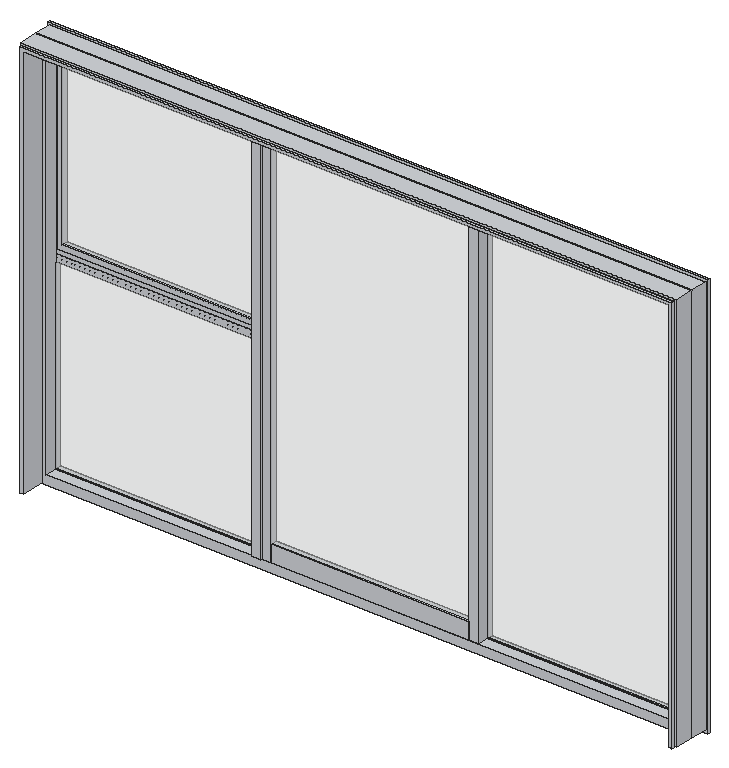
Revit family "APL Residential Thermal Heart Sliding Door FSF with Sidelight", category Doors, host Wall, Revit 2017 (continued)
Definition of nested family "APL Residential Thermal Heart Sliding Door FSF with Sidelight Horizontal Section"
  Definition of nested family "Jamb Fixed"
    Definition of nested family "65400_Jamb Fixed"
      Lines and regions (mm)
        detail lines, in view "Ref. Level"
          curve 87: arc (43.7, 6.5, 0) -> (43.559, 6.441, 0) -> (43.5, 6.3, 0) r 0.2
          curve 88: arc (43.5, 5.75, 0) -> (43, 5.251, 0) -> (42.5, 5.75, 0) r 0.5
          curve 89: arc (42.5, 6.5, 0) -> (42.793, 7.207, 0) -> (43.5, 7.5, 0) r 1
          curve 90: arc (44.395, 7.5, 0) -> (44.539, 7.557, 0) -> (44.6, 7.7, 0) r 0.202
          curve 91: arc (44.6, 18.8, 0) -> (44.538, 18.942, 0) -> (44.395, 19, 0) r 0.205
          curve 92: arc (26.583, 19, 0) -> (26.278, 19.199, 0) -> (26.005, 18.957, 0) r 0.3
          curve 93: arc (26.005, 18.957, 0) -> (25.939, 18.819, 0) -> (25.813, 18.732, 0) r 0.3
          curve 94: arc (24.403, 18.218, 0) -> (24.117, 18.262, 0) -> (24.001, 18.526, 0) r 0.3
          curve 95: arc (24.208, 20.892, 0) -> (24.235, 20.992, 0) -> (24.295, 21.078, 0) r 0.3
          curve 96: arc (24.659, 21.441, 0) -> (24.852, 21.493, 0) -> (24.993, 21.352, 0) r 0.2
          curve 97: arc (25.038, 21.184, 0) -> (25.09, 21.095, 0) -> (25.179, 21.043, 0) r 0.2
          curve 98: arc (27.322, 20.51, 0) -> (27.664, 20.657, 0) -> (27.6, 21.024, 0) r 0.3
          curve 99: arc (27.6, 21.024, 0) -> (27.526, 21.125, 0) -> (27.5, 21.247, 0) r 0.3
          curve 100: arc (27.694, 25.25, 0) -> (27.658, 25.422, 0) -> (27.5, 25.5, 0) r 0.2
          curve 101: arc (26.979, 25.5, 0) -> (26.898, 25.489, 0) -> (26.823, 25.456, 0) r 0.3
          curve 102: arc (25.569, 24.691, 0) -> (25.563, 24.498, 0) -> (25.42, 24.367, 0) r 0.25
          curve 103: arc (25.42, 24.367, 0) -> (25.15, 24.321, 0) -> (25, 24.55, 0) r 0.25
          curve 104: arc (25, 26.126, 0) -> (25.128, 26.615, 0) -> (25.479, 26.979, 0) r 1
          curve 105: line (46.1, 7.52, 0) -> (46.1, 18.8, 0)
          curve 106: line (44.4, 20.5, 0) -> (29.9, 20.5, 0)
          curve 107: line (29.4, 21, 0) -> (29.4, 34.099, 0)
          curve 108: line (29.9, 34.6, 0) -> (36.605, 34.6, 0)
          curve 109: line (39.189, 33.379, 0) -> (53.629, 32.2, 0)
          curve 110: line (53.629, 32.2, 0) -> (62.286, 32.2, 0)
          curve 111: line (64.2, 26.533, 0) -> (64.2, 17.483, 0)
          curve 112: line (66.2, 11, 0) -> (66.2, 1.9, 0)
          curve 113: line (65.7, 1.4, 0) -> (47, 1.4, 0)
          curve 114: line (46.5, 1.9, 0) -> (46.5, 6.5, 0)
          curve 115: line (27.317, 34.499, 0) -> (24.183, 34.774, 0)
          curve 116: line (24, 34.973, 0) -> (24, 36.224, 0)
          curve 117: line (24, 36.224, 0) -> (24.399, 37.321, 0)
          curve 118: line (25.569, 37.309, 0) -> (26.823, 36.544, 0)
          curve 119: line (26.979, 36.5, 0) -> (27.5, 36.5, 0)
          curve 120: line (27.694, 36.75, 0) -> (27.5, 37.5, 0)
          curve 121: line (27.5, 37.525, 0) -> (27.5, 40.753, 0)
          curve 122: line (27.312, 41.528, 0) -> (25.179, 40.957, 0)
          curve 123: line (25.038, 40.816, 0) -> (24.993, 40.648, 0)
          curve 124: line (24.659, 40.559, 0) -> (24.295, 40.922, 0)
          curve 125: line (24.208, 41.108, 0) -> (24.001, 43.474, 0)
          curve 126: line (24.403, 43.782, 0) -> (25.813, 43.268, 0)
          curve 127: line (26.583, 43, 0) -> (28.9, 43, 0)
          curve 128: line (29.4, 42.5, 0) -> (29.4, 36.9, 0)
          curve 129: line (29.9, 36.4, 0) -> (33.5, 36.4, 0)
          curve 130: line (33.5, 36.4, 0) -> (33.9, 36, 0)
          curve 131: line (33.9, 36, 0) -> (34.3, 36.4, 0)
          curve 132: line (34.3, 36.4, 0) -> (37.767, 36.4, 0)
          curve 133: line (40.611, 35.169, 0) -> (53.707, 34.1, 0)
          curve 134: line (53.707, 34.1, 0) -> (58.307, 34.1, 0)
          curve 135: line (58.307, 34.1, 0) -> (58.707, 33.7, 0)
          curve 136: line (58.707, 33.7, 0) -> (59.107, 34.1, 0)
          curve 137: line (59.107, 34.1, 0) -> (68.1, 34.1, 0)
          curve 138: line (68.3, 34.3, 0) -> (68.3, 42.5, 0)
          curve 139: line (68.8, 43, 0) -> (71.117, 43, 0)
          curve 140: line (71.887, 43.268, 0) -> (73.297, 43.782, 0)
          curve 141: line (73.699, 43.474, 0) -> (73.492, 41.108, 0)
          curve 142: line (73.405, 40.922, 0) -> (73.041, 40.559, 0)
          curve 143: line (72.707, 40.648, 0) -> (72.662, 40.816, 0)
          curve 144: line (72.521, 40.957, 0) -> (70.388, 41.528, 0)
          curve 145: line (70.2, 40.753, 0) -> (70.2, 37.525, 0)
          curve 146: line (70.2, 37.5, 0) -> (70.006, 36.75, 0)
          curve 147: line (70.2, 36.5, 0) -> (70.721, 36.5, 0)
          curve 148: line (70.877, 36.544, 0) -> (72.131, 37.309, 0)
          curve 149: line (72.7, 37.45, 0) -> (72.7, 35.876, 0)
          curve 150: line (72.7, 34.126, 0) -> (72.7, 32.551, 0)
          curve 151: line (72.131, 32.691, 0) -> (70.877, 33.456, 0)
          curve 152: line (70.721, 33.5, 0) -> (70.2, 33.5, 0)
          curve 153: line (70.006, 33.25, 0) -> (70.2, 32.5, 0)
          curve 154: line (70.2, 32.475, 0) -> (70.2, 29.247, 0)
          curve 155: line (70.532, 28.51, 0) -> (72.521, 29.043, 0)
          curve 156: line (72.662, 29.184, 0) -> (72.707, 29.352, 0)
          curve 157: line (73.041, 29.441, 0) -> (73.405, 29.078, 0)
          curve 158: line (73.492, 28.892, 0) -> (73.699, 26.526, 0)
          curve 159: line (73.297, 26.218, 0) -> (71.887, 26.732, 0)
          curve 160: line (71.117, 27, 0) -> (66.201, 27, 0)
          curve 161: line (65.7, 26.5, 0) -> (65.7, 17.481, 0)
          curve 162: line (67.7, 11, 0) -> (67.7, 9.9, 0)
          curve 163: line (67.9, 9.7, 0) -> (69.3, 9.7, 0)
          curve 164: line (69.5, 9.9, 0) -> (69.5, 10.2, 0)
          curve 165: line (70.5, 10.2, 0) -> (70.5, 7.649, 0)
          curve 166: line (69.5, 7.65, 0) -> (69.5, 8.5, 0)
          curve 167: line (69.3, 8.7, 0) -> (67.9, 8.7, 0)
          curve 168: line (67.7, 8.5, 0) -> (67.7, 1.2, 0)
          curve 169: line (67.9, 1, 0) -> (69.3, 1, 0)
          curve 170: line (69.5, 1.2, 0) -> (69.5, 2.05, 0)
          curve 171: line (70.5, 2.05, 0) -> (70.5, 0.501, 0)
          curve 172: line (70, 0, 0) -> (42.7, 0, 0)
          curve 173: line (42.5, 0.2, 0) -> (42.5, 1.75, 0)
          curve 174: line (43.5, 1.75, 0) -> (43.5, 1.2, 0)
          curve 175: line (43.7, 1, 0) -> (44.8, 1, 0)
          curve 176: line (45, 1.2, 0) -> (45, 6.3, 0)
          curve 177: line (44.8, 6.5, 0) -> (43.7, 6.5, 0)
          curve 178: line (43.5, 6.3, 0) -> (43.5, 5.75, 0)
          curve 179: line (42.5, 5.75, 0) -> (42.5, 6.5, 0)
          curve 180: line (43.5, 7.5, 0) -> (44.395, 7.5, 0)
          curve 181: line (44.6, 7.7, 0) -> (44.6, 18.8, 0)
          curve 182: line (44.395, 19, 0) -> (34.3, 19, 0)
          curve 183: line (34.3, 19, 0) -> (33.9, 19.4, 0)
          curve 184: line (33.9, 19.4, 0) -> (33.5, 19, 0)
          curve 185: line (33.5, 19, 0) -> (26.583, 19, 0)
          curve 186: line (25.813, 18.732, 0) -> (24.403, 18.218, 0)
          curve 187: line (24.001, 18.526, 0) -> (24.208, 20.892, 0)
          curve 188: line (24.295, 21.078, 0) -> (24.659, 21.441, 0)
          curve 189: line (24.993, 21.352, 0) -> (25.038, 21.184, 0)
          curve 190: line (25.179, 21.043, 0) -> (27.312, 20.472, 0)
          curve 191: line (27.5, 21.247, 0) -> (27.5, 24.475, 0)
          curve 192: line (27.5, 24.5, 0) -> (27.694, 25.25, 0)
          curve 193: line (27.5, 25.5, 0) -> (26.979, 25.5, 0)
          curve 194: line (26.823, 25.456, 0) -> (25.569, 24.691, 0)
          curve 195: line (25, 24.55, 0) -> (25, 26.126, 0)
          curve 196: line (25.479, 26.979, 0) -> (26.284, 27.471, 0)
          curve 197: line (26.389, 27.5, 0) -> (27.5, 27.5, 0)
          curve 198: line (27.5, 27.5, 0) -> (27.5, 34.3, 0)
          curve 199: arc (27.5, 34.3, 0) -> (27.447, 34.435, 0) -> (27.317, 34.499, 0) r 0.2
          curve 200: arc (70.2, 32.6, 0) -> (70.317, 32.883, 0) -> (70.6, 33, 0) r 0.4
          curve 201: arc (70.893, 33, 0) -> (70.996, 32.986, 0) -> (71.093, 32.946, 0) r 0.4
          curve 202: arc (72.621, 32.061, 0) -> (72.911, 31.941, 0) -> (73.222, 31.9, 0) r 1.2
          curve 203: arc (74.145, 31.9, 0) -> (74.718, 31.719, 0) -> (75.084, 31.242, 0) r 1
          curve 204: arc (75.877, 29.063, 0) -> (76.024, 28.872, 0) -> (76.253, 28.8, 0) r 0.4
          curve 205: arc (78.947, 28.8, 0) -> (79.176, 28.872, 0) -> (79.323, 29.063, 0) r 0.4
          curve 206: arc (80.116, 31.242, 0) -> (80.482, 31.719, 0) -> (81.055, 31.9, 0) r 1
          curve 207: arc (81.978, 31.9, 0) -> (82.289, 31.941, 0) -> (82.579, 32.061, 0) r 1.2
          curve 208: arc (84.107, 32.946, 0) -> (84.204, 32.986, 0) -> (84.307, 33, 0) r 0.4
          curve 209: arc (84.6, 33, 0) -> (84.883, 32.883, 0) -> (85, 32.6, 0) r 0.4
          curve 210: arc (85, 29.2, 0) -> (84.883, 28.917, 0) -> (84.6, 28.8, 0) r 0.4
          curve 211: arc (84.307, 28.8, 0) -> (84.204, 28.814, 0) -> (84.107, 28.854, 0) r 0.4
          curve 212: arc (82.579, 29.739, 0) -> (82.285, 29.86, 0) -> (81.97, 29.9, 0) r 1.2
          curve 213: arc (81.97, 29.9, 0) -> (81.795, 29.847, 0) -> (81.684, 29.703, 0) r 0.3
          curve 214: arc (80.796, 27.263, 0) -> (80.649, 27.072, 0) -> (80.42, 27, 0) r 0.4
          curve 215: arc (74.78, 27, 0) -> (74.551, 27.072, 0) -> (74.404, 27.263, 0) r 0.4
          curve 216: arc (73.516, 29.703, 0) -> (73.405, 29.847, 0) -> (73.23, 29.9, 0) r 0.3
          curve 217: arc (73.23, 29.9, 0) -> (72.915, 29.86, 0) -> (72.621, 29.739, 0) r 1.2
          curve 218: arc (71.093, 28.854, 0) -> (70.996, 28.814, 0) -> (70.893, 28.8, 0) r 0.4
          curve 219: arc (70.6, 28.8, 0) -> (70.317, 28.917, 0) -> (70.2, 29.2, 0) r 0.4
          curve 220: line (70.6, 33, 0) -> (70.893, 33, 0)
          curve 221: line (71.093, 32.946, 0) -> (72.621, 32.061, 0)
          curve 222: line (73.222, 31.9, 0) -> (74.145, 31.9, 0)
          curve 223: line (75.084, 31.242, 0) -> (75.877, 29.063, 0)
          curve 224: line (76.253, 28.8, 0) -> (78.947, 28.8, 0)
          curve 225: line (79.323, 29.063, 0) -> (80.116, 31.242, 0)
          curve 226: line (81.055, 31.9, 0) -> (81.978, 31.9, 0)
          curve 227: line (82.579, 32.061, 0) -> (84.107, 32.946, 0)
          curve 228: line (84.307, 33, 0) -> (84.6, 33, 0)
          curve 229: line (85, 32.6, 0) -> (85, 29.2, 0)
          curve 230: line (84.6, 28.8, 0) -> (84.307, 28.8, 0)
          curve 231: line (84.107, 28.854, 0) -> (82.579, 29.739, 0)
          curve 232: line (81.684, 29.703, 0) -> (80.796, 27.263, 0)
          curve 233: line (80.42, 27, 0) -> (74.78, 27, 0)
          curve 234: line (74.404, 27.263, 0) -> (73.516, 29.703, 0)
          curve 235: line (72.621, 29.739, 0) -> (71.093, 28.854, 0)
          curve 236: line (70.893, 28.8, 0) -> (70.6, 28.8, 0)
          curve 237: line (70.2, 29.2, 0) -> (70.2, 32.6, 0)
          curve 238: arc (70.2, 37.4, 0) -> (70.317, 37.117, 0) -> (70.6, 37, 0) r 0.4
          curve 239: arc (70.893, 37, 0) -> (70.996, 37.014, 0) -> (71.093, 37.054, 0) r 0.4
          curve 240: arc (72.621, 37.939, 0) -> (72.911, 38.059, 0) -> (73.222, 38.1, 0) r 1.2
          curve 241: arc (74.145, 38.1, 0) -> (74.718, 38.281, 0) -> (75.084, 38.758, 0) r 1
          curve 242: arc (75.877, 40.937, 0) -> (76.024, 41.128, 0) -> (76.253, 41.2, 0) r 0.4
          curve 243: arc (78.947, 41.2, 0) -> (79.176, 41.128, 0) -> (79.323, 40.937, 0) r 0.4
          curve 244: arc (80.116, 38.758, 0) -> (80.482, 38.281, 0) -> (81.055, 38.1, 0) r 1
          curve 245: arc (81.978, 38.1, 0) -> (82.289, 38.059, 0) -> (82.579, 37.939, 0) r 1.2
          curve 246: arc (84.107, 37.054, 0) -> (84.204, 37.014, 0) -> (84.307, 37, 0) r 0.4
          curve 247: arc (84.6, 37, 0) -> (84.883, 37.117, 0) -> (85, 37.4, 0) r 0.4
          curve 248: arc (85, 40.8, 0) -> (84.883, 41.083, 0) -> (84.6, 41.2, 0) r 0.4
          curve 249: arc (84.307, 41.2, 0) -> (84.204, 41.186, 0) -> (84.107, 41.146, 0) r 0.4
          curve 250: arc (82.579, 40.262, 0) -> (82.285, 40.14, 0) -> (81.97, 40.1, 0) r 1.2
          curve 251: arc (81.97, 40.1, 0) -> (81.795, 40.153, 0) -> (81.684, 40.297, 0) r 0.3
          curve 252: arc (80.796, 42.737, 0) -> (80.649, 42.928, 0) -> (80.42, 43, 0) r 0.4
          curve 253: arc (74.78, 43, 0) -> (74.551, 42.928, 0) -> (74.404, 42.737, 0) r 0.4
          curve 254: arc (73.516, 40.297, 0) -> (73.405, 40.153, 0) -> (73.23, 40.1, 0) r 0.3
          curve 255: arc (73.23, 40.1, 0) -> (72.915, 40.14, 0) -> (72.621, 40.262, 0) r 1.2
          curve 256: arc (71.093, 41.146, 0) -> (70.996, 41.186, 0) -> (70.893, 41.2, 0) r 0.4
          curve 257: arc (70.6, 41.2, 0) -> (70.317, 41.083, 0) -> (70.2, 40.8, 0) r 0.4
          curve 258: line (70.6, 37, 0) -> (70.893, 37, 0)
          curve 259: line (71.093, 37.054, 0) -> (72.621, 37.939, 0)
          curve 260: line (73.222, 38.1, 0) -> (74.145, 38.1, 0)
          curve 261: line (75.084, 38.758, 0) -> (75.877, 40.937, 0)
          curve 262: line (76.253, 41.2, 0) -> (78.947, 41.2, 0)
          curve 263: line (79.323, 40.937, 0) -> (80.116, 38.758, 0)
          curve 264: line (81.055, 38.1, 0) -> (81.978, 38.1, 0)
          curve 265: line (82.579, 37.939, 0) -> (84.107, 37.054, 0)
          curve 266: line (84.307, 37, 0) -> (84.6, 37, 0)
          curve 267: line (85, 37.4, 0) -> (85, 40.8, 0)
          curve 268: line (84.6, 41.2, 0) -> (84.307, 41.2, 0)
          curve 269: line (84.107, 41.146, 0) -> (82.579, 40.262, 0)
          curve 270: line (81.684, 40.297, 0) -> (80.796, 42.737, 0)
          curve 271: line (80.42, 43, 0) -> (74.78, 43, 0)
          curve 272: line (74.404, 42.737, 0) -> (73.516, 40.297, 0)
          curve 273: line (72.621, 40.262, 0) -> (71.093, 41.146, 0)
          curve 274: line (70.893, 41.2, 0) -> (70.6, 41.2, 0)
          curve 275: line (70.2, 40.8, 0) -> (70.2, 37.4, 0)
          curve 276: arc (113.4, 7.123, 0) -> (113.327, 7.05, 0) -> (113.3, 6.95, 0) r 0.2
          curve 277: arc (113.3, 2.75, 0) -> (113.327, 2.65, 0) -> (113.4, 2.577, 0) r 0.2
          curve 278: arc (113.4, 2.577, 0) -> (113.473, 2.504, 0) -> (113.5, 2.404, 0) r 0.2
          curve 279: arc (113.5, 1.2, 0) -> (113.441, 1.059, 0) -> (113.3, 1, 0) r 0.2
          curve 280: arc (111.701, 1, 0) -> (111.559, 1.058, 0) -> (111.5, 1.2, 0) r 0.2
          curve 281: arc (111.5, 2.05, 0) -> (111, 2.549, 0) -> (110.5, 2.05, 0) r 0.5
          curve 282: arc (110.5, 0.5, 0) -> (110.646, 0.146, 0) -> (111, 0, 0) r 0.499
          curve 283: arc (114.5, 0, 0) -> (114.847, 0.153, 0) -> (115, 0.5, 0) r 0.523
          curve 284: arc (115, 21.5, 0) -> (114.856, 21.856, 0) -> (114.5, 22, 0) r 0.493
          curve 285: arc (111.7, 22, 0) -> (111.558, 22.058, 0) -> (111.5, 22.2, 0) r 0.199
          curve 286: arc (111.5, 29.801, 0) -> (110.852, 31.441, 0) -> (109.258, 32.195, 0) r 2.399
          curve 287: arc (109.258, 32.195, 0) -> (108.878, 32.412, 0) -> (108.814, 32.844, 0) r 0.5
          curve 288: arc (108.814, 32.844, 0) -> (109, 34.047, 0) -> (108.816, 35.25, 0) r 4
          curve 289: arc (108.816, 35.25, 0) -> (108.89, 35.696, 0) -> (109.293, 35.9, 0) r 0.5
          curve 290: arc (109.5, 35.9, 0) -> (110.914, 36.486, 0) -> (111.5, 37.9, 0) r 2.001
          curve 291: arc (120.75, 41.5, 0) -> (121.501, 42.253, 0) -> (120.745, 43, 0) r 0.75
          curve 292: arc (111.5, 43, 0) -> (110.439, 42.561, 0) -> (110, 41.5, 0) r 1.5
          curve 293: arc (110, 38, 0) -> (109.941, 37.859, 0) -> (109.8, 37.8, 0) r 0.2
          curve 294: arc (100.5, 37.8, 0) -> (100.146, 37.654, 0) -> (100, 37.3, 0) r 0.5
          curve 295: arc (100, 36.8, 0) -> (100.146, 36.446, 0) -> (100.5, 36.3, 0) r 0.5
          curve 296: arc (101.927, 36.3, 0) -> (102.266, 36.167, 0) -> (102.426, 35.84, 0) r 0.5
          curve 297: arc (102.426, 35.84, 0) -> (102.912, 35.197, 0) -> (103.7, 35.366, 0) r 0.75
          curve 298: arc (103.7, 35.366, 0) -> (105, 35.9, 0) -> (106.3, 35.366, 0) r 1.85
          curve 299: arc (106.3, 35.366, 0) -> (106.442, 35.256, 0) -> (106.607, 35.183, 0) r 0.75
          curve 300: arc (106.607, 35.183, 0) -> (106.791, 35.08, 0) -> (106.916, 34.91, 0) r 0.5
          curve 301: arc (106.916, 34.91, 0) -> (107.1, 34.05, 0) -> (106.916, 33.19, 0) r 2.1
          curve 302: arc (106.916, 33.19, 0) -> (106.791, 33.02, 0) -> (106.607, 32.917, 0) r 0.5
          curve 303: arc (106.607, 32.917, 0) -> (106.442, 32.844, 0) -> (106.3, 32.734, 0) r 0.75
          curve 304: arc (106.3, 32.734, 0) -> (105, 32.2, 0) -> (103.7, 32.734, 0) r 1.85
          curve 305: arc (103.7, 32.734, 0) -> (103.027, 32.936, 0) -> (102.482, 32.491, 0) r 0.75
          curve 306: arc (102.482, 32.491, 0) -> (102.32, 32.284, 0) -> (102.075, 32.188, 0) r 0.5
          curve 307: arc (102.075, 32.188, 0) -> (101.154, 31.86, 0) -> (100.481, 31.15, 0) r 2.1
          curve 308: arc (100.481, 31.15, 0) -> (100.298, 30.967, 0) -> (100.048, 30.9, 0) r 0.5
          curve 309: arc (91.556, 30.9, 0) -> (91.287, 30.978, 0) -> (91.103, 31.188, 0) r 0.5
          curve 310: arc (91.103, 31.188, 0) -> (90.328, 32.071, 0) -> (89.2, 32.4, 0) r 2.1
          curve 311: arc (87.9, 32.4, 0) -> (87.193, 32.693, 0) -> (86.9, 33.4, 0) r 1
          curve 312: arc (86.9, 42.5, 0) -> (86.754, 42.854, 0) -> (86.4, 43, 0) r 0.5
          curve 313: arc (84.083, 43, 0) -> (83.778, 42.801, 0) -> (83.505, 43.043, 0) r 0.3
          curve 314: arc (83.505, 43.043, 0) -> (83.439, 43.181, 0) -> (83.313, 43.268, 0) r 0.3
          curve 315: arc (81.903, 43.782, 0) -> (81.617, 43.738, 0) -> (81.501, 43.474, 0) r 0.3
          curve 316: arc (81.708, 41.108, 0) -> (81.735, 41.008, 0) -> (81.795, 40.922, 0) r 0.3
          curve 317: arc (82.159, 40.559, 0) -> (82.352, 40.507, 0) -> (82.493, 40.648, 0) r 0.2
          curve 318: arc (82.538, 40.816, 0) -> (82.59, 40.905, 0) -> (82.679, 40.957, 0) r 0.2
          curve 319: arc (84.822, 41.49, 0) -> (85.164, 41.343, 0) -> (85.1, 40.976, 0) r 0.3
          curve 320: arc (85.1, 40.976, 0) -> (85.026, 40.875, 0) -> (85, 40.753, 0) r 0.3
          curve 321: arc (85.194, 36.75, 0) -> (85.158, 36.578, 0) -> (85, 36.5, 0) r 0.2
          curve 322: arc (84.479, 36.5, 0) -> (84.398, 36.511, 0) -> (84.323, 36.544, 0) r 0.3
          curve 323: arc (83.069, 37.309, 0) -> (83.063, 37.502, 0) -> (82.92, 37.633, 0) r 0.25
          curve 324: arc (82.92, 37.633, 0) -> (82.65, 37.679, 0) -> (82.5, 37.45, 0) r 0.25
          curve 325: arc (82.5, 35.874, 0) -> (82.582, 35.477, 0) -> (82.815, 35.146, 0) r 1
          curve 326: arc (82.815, 35.146, 0) -> (82.878, 35, 0) -> (82.815, 34.854, 0) r 0.2
          curve 327: arc (82.815, 34.854, 0) -> (82.582, 34.523, 0) -> (82.5, 34.126, 0) r 1
          curve 328: arc (82.5, 32.55, 0) -> (82.628, 32.332, 0) -> (82.88, 32.337, 0) r 0.25
          curve 329: arc (82.966, 32.389, 0) -> (83.072, 32.521, 0) -> (83.069, 32.691, 0) r 0.25
          curve 330: arc (84.323, 33.456, 0) -> (84.398, 33.489, 0) -> (84.479, 33.5, 0) r 0.3
          curve 331: arc (85, 33.5, 0) -> (85.158, 33.423, 0) -> (85.194, 33.25, 0) r 0.2
          curve 332: arc (85, 29.247, 0) -> (85.026, 29.125, 0) -> (85.1, 29.024, 0) r 0.3
          curve 333: arc (85.1, 29.024, 0) -> (85.164, 28.657, 0) -> (84.822, 28.51, 0) r 0.3
          curve 334: arc (82.679, 29.043, 0) -> (82.59, 29.095, 0) -> (82.538, 29.184, 0) r 0.2
          curve 335: arc (82.493, 29.352, 0) -> (82.352, 29.493, 0) -> (82.159, 29.441, 0) r 0.2
          curve 336: arc (81.795, 29.078, 0) -> (81.735, 28.992, 0) -> (81.708, 28.892, 0) r 0.3
          curve 337: arc (81.501, 26.526, 0) -> (81.617, 26.262, 0) -> (81.903, 26.218, 0) r 0.3
          curve 338: arc (83.313, 26.732, 0) -> (83.439, 26.819, 0) -> (83.505, 26.957, 0) r 0.3
          curve 339: arc (83.505, 26.957, 0) -> (83.778, 27.199, 0) -> (84.083, 27, 0) r 0.3
          curve 340: arc (86.7, 27, 0) -> (86.841, 27.059, 0) -> (86.9, 27.2, 0) r 0.2
          curve 341: arc (86.9, 30.3, 0) -> (86.959, 30.441, 0) -> (87.1, 30.5, 0) r 0.2
          curve 342: arc (89.2, 30.5, 0) -> (89.341, 30.441, 0) -> (89.4, 30.3, 0) r 0.2
          curve 343: arc (89.4, 29.2, 0) -> (89.459, 29.059, 0) -> (89.6, 29, 0) r 0.2
          curve 344: arc (101.9, 29, 0) -> (102.042, 29.059, 0) -> (102.1, 29.2, 0) r 0.2
          curve 345: arc (102.1, 30.1, 0) -> (102.159, 30.241, 0) -> (102.3, 30.3, 0) r 0.2
          curve 346: arc (109.1, 30.3, 0) -> (109.454, 30.154, 0) -> (109.6, 29.8, 0) r 0.5
          curve 347: arc (109.6, 28.5, 0) -> (109.541, 28.359, 0) -> (109.4, 28.3, 0) r 0.2
          curve 348: arc (107.3, 28.3, 0) -> (107.159, 28.241, 0) -> (107.1, 28.1, 0) r 0.2
          curve 349: arc (107.1, 27.2, 0) -> (107.159, 27.059, 0) -> (107.3, 27, 0) r 0.2
          curve 350: arc (109.5, 27, 0) -> (109.854, 26.854, 0) -> (110, 26.5, 0) r 0.5
          curve 351: arc (110, 20.2, 0) -> (110.146, 19.846, 0) -> (110.5, 19.7, 0) r 0.5
          curve 352: arc (111.3, 19.7, 0) -> (111.441, 19.759, 0) -> (111.5, 19.9, 0) r 0.2
          curve 353: arc (113.3, 20.7, 0) -> (113.441, 20.641, 0) -> (113.5, 20.5, 0) r 0.2
          curve 354: arc (113.5, 15.6, 0) -> (113.1, 15.2, 0) -> (113.5, 14.8, 0) r 0.4
          curve 355: arc (113.5, 9.9, 0) -> (113.441, 9.759, 0) -> (113.3, 9.7, 0) r 0.2
          curve 356: arc (111.5, 10.3, 0) -> (111.383, 10.583, 0) -> (111.1, 10.7, 0) r 0.4
          curve 357: arc (111, 10.7, 0) -> (110.646, 10.553, 0) -> (110.5, 10.2, 0) r 0.5
          curve 358: arc (110.5, 7.65, 0) -> (111, 7.15, 0) -> (111.5, 7.65, 0) r 0.5
          curve 359: arc (111.5, 8.5, 0) -> (111.559, 8.641, 0) -> (111.7, 8.7, 0) r 0.2
          curve 360: arc (113.3, 8.7, 0) -> (113.441, 8.641, 0) -> (113.5, 8.5, 0) r 0.2
          curve 361: line (113.3, 6.95, 0) -> (113.3, 2.75, 0)
          curve 362: line (113.5, 2.404, 0) -> (113.5, 1.2, 0)
          curve 363: line (113.3, 1, 0) -> (111.701, 1, 0)
          curve 364: line (111.5, 1.2, 0) -> (111.5, 2.05, 0)
          curve 365: line (110.5, 2.05, 0) -> (110.5, 0.5, 0)
          curve 366: line (111, 0, 0) -> (114.5, 0, 0)
          curve 367: line (115, 0.5, 0) -> (115, 21.5, 0)
          curve 368: line (114.5, 22, 0) -> (111.7, 22, 0)
          curve 369: line (111.5, 22.2, 0) -> (111.5, 29.801, 0)
          curve 370: line (109.293, 35.9, 0) -> (109.5, 35.9, 0)
          curve 371: line (111.5, 37.9, 0) -> (111.5, 41.5, 0)
          curve 372: line (111.5, 41.5, 0) -> (120.75, 41.5, 0)
          curve 373: line (120.745, 43, 0) -> (119, 43, 0)
          curve 374: line (119, 43, 0) -> (118.6, 42.6, 0)
          curve 375: line (118.6, 42.6, 0) -> (112.3, 42.6, 0)
          curve 376: line (112.3, 42.6, 0) -> (111.9, 43, 0)
          curve 377: line (111.9, 43, 0) -> (111.5, 43, 0)
          curve 378: line (110, 41.5, 0) -> (110, 38, 0)
          curve 379: line (109.8, 37.8, 0) -> (100.5, 37.8, 0)
          curve 380: line (100, 37.3, 0) -> (100, 36.8, 0)
          curve 381: line (100.5, 36.3, 0) -> (101.927, 36.3, 0)
          curve 382: line (100.048, 30.9, 0) -> (91.556, 30.9, 0)
          curve 383: line (89.2, 32.4, 0) -> (87.9, 32.4, 0)
          curve 384: line (86.9, 33.4, 0) -> (86.9, 42.5, 0)
          curve 385: line (86.4, 43, 0) -> (84.083, 43, 0)
          curve 386: line (83.313, 43.268, 0) -> (81.903, 43.782, 0)
          curve 387: line (81.501, 43.474, 0) -> (81.708, 41.108, 0)
          curve 388: line (81.795, 40.922, 0) -> (82.159, 40.559, 0)
          curve 389: line (82.493, 40.648, 0) -> (82.538, 40.816, 0)
          curve 390: line (82.679, 40.957, 0) -> (84.812, 41.528, 0)
          curve 391: line (85, 40.753, 0) -> (85, 37.525, 0)
          curve 392: line (85, 37.5, 0) -> (85.194, 36.75, 0)
          curve 393: line (85, 36.5, 0) -> (84.479, 36.5, 0)
          curve 394: line (84.323, 36.544, 0) -> (83.069, 37.309, 0)
          curve 395: line (82.5, 37.45, 0) -> (82.5, 35.874, 0)
          curve 396: line (82.5, 34.126, 0) -> (82.5, 32.55, 0)
          curve 397: line (83.069, 32.691, 0) -> (84.323, 33.456, 0)
          curve 398: line (84.479, 33.5, 0) -> (85, 33.5, 0)
          curve 399: line (85.194, 33.25, 0) -> (85, 32.5, 0)
          curve 400: line (85, 32.475, 0) -> (85, 29.248, 0)
          curve 401: line (84.812, 28.472, 0) -> (82.679, 29.043, 0)
          curve 402: line (82.538, 29.184, 0) -> (82.493, 29.352, 0)
          curve 403: line (82.159, 29.441, 0) -> (81.795, 29.078, 0)
          curve 404: line (81.708, 28.892, 0) -> (81.501, 26.526, 0)
          curve 405: line (81.903, 26.218, 0) -> (83.313, 26.732, 0)
          curve 406: line (84.083, 27, 0) -> (86.7, 27, 0)
          curve 407: line (86.9, 27.2, 0) -> (86.9, 30.3, 0)
          curve 408: line (87.1, 30.5, 0) -> (89.2, 30.5, 0)
          curve 409: line (89.4, 30.3, 0) -> (89.4, 29.2, 0)
          curve 410: line (89.6, 29, 0) -> (95.4, 29, 0)
          curve 411: line (95.4, 29, 0) -> (95.8, 29.4, 0)
          curve 412: line (95.8, 29.4, 0) -> (96.2, 29, 0)
          curve 413: line (96.2, 29, 0) -> (101.9, 29, 0)
          curve 414: line (102.1, 29.2, 0) -> (102.1, 30.1, 0)
          curve 415: line (102.3, 30.3, 0) -> (109.1, 30.3, 0)
          curve 416: line (109.6, 29.8, 0) -> (109.6, 28.5, 0)
          curve 417: line (109.4, 28.3, 0) -> (107.3, 28.3, 0)
          curve 418: line (107.1, 28.1, 0) -> (107.1, 27.2, 0)
          curve 419: line (107.3, 27, 0) -> (109.5, 27, 0)
          curve 420: line (110, 26.5, 0) -> (110, 20.2, 0)
          curve 421: line (110.5, 19.7, 0) -> (111.3, 19.7, 0)
          curve 422: line (111.5, 19.9, 0) -> (111.5, 20.7, 0)
          curve 423: line (111.5, 20.7, 0) -> (113.3, 20.7, 0)
          curve 424: line (113.5, 20.5, 0) -> (113.5, 15.6, 0)
          curve 425: line (113.5, 14.8, 0) -> (113.5, 9.9, 0)
          curve 426: line (113.3, 9.7, 0) -> (111.5, 9.7, 0)
          curve 427: line (111.5, 9.7, 0) -> (111.5, 10.3, 0)
          curve 428: line (110.5, 10.2, 0) -> (110.5, 7.65, 0)
          curve 429: line (111.5, 7.65, 0) -> (111.5, 8.5, 0)
          curve 430: line (111.7, 8.7, 0) -> (113.3, 8.7, 0)
          curve 431: line (113.5, 8.5, 0) -> (113.5, 7.296, 0)
          curve 432: arc (113.5, 7.296, 0) -> (113.473, 7.196, 0) -> (113.4, 7.123, 0) r 0.2
          curve 433: arc (12.7, 24.6, 0) -> (12.817, 24.883, 0) -> (13.1, 25, 0) r 0.4
          curve 434: arc (13.393, 25, 0) -> (13.496, 24.986, 0) -> (13.593, 24.946, 0) r 0.4
          curve 435: arc (15.121, 24.062, 0) -> (15.411, 23.941, 0) -> (15.722, 23.9, 0) r 1.2
          curve 436: arc (16.645, 23.9, 0) -> (17.218, 23.719, 0) -> (17.584, 23.242, 0) r 1
          curve 437: arc (18.377, 21.063, 0) -> (18.524, 20.872, 0) -> (18.753, 20.8, 0) r 0.4
          curve 438: arc (21.447, 20.8, 0) -> (21.676, 20.872, 0) -> (21.823, 21.063, 0) r 0.4
          curve 439: arc (22.616, 23.242, 0) -> (22.982, 23.719, 0) -> (23.555, 23.9, 0) r 1
          curve 440: arc (24.478, 23.9, 0) -> (24.789, 23.941, 0) -> (25.079, 24.062, 0) r 1.2
          curve 441: arc (26.607, 24.946, 0) -> (26.704, 24.986, 0) -> (26.807, 25, 0) r 0.4
          curve 442: arc (27.1, 25, 0) -> (27.383, 24.883, 0) -> (27.5, 24.6, 0) r 0.4
          curve 443: arc (27.5, 21.2, 0) -> (27.383, 20.917, 0) -> (27.1, 20.8, 0) r 0.4
          curve 444: arc (26.807, 20.8, 0) -> (26.704, 20.814, 0) -> (26.607, 20.854, 0) r 0.4
          curve 445: arc (25.079, 21.739, 0) -> (24.785, 21.86, 0) -> (24.47, 21.9, 0) r 1.2
          curve 446: arc (24.47, 21.9, 0) -> (24.295, 21.847, 0) -> (24.184, 21.703, 0) r 0.3
          curve 447: arc (23.296, 19.263, 0) -> (23.149, 19.072, 0) -> (22.92, 19, 0) r 0.4
          curve 448: arc (17.28, 19, 0) -> (17.051, 19.072, 0) -> (16.904, 19.263, 0) r 0.4
          curve 449: arc (16.016, 21.703, 0) -> (15.905, 21.847, 0) -> (15.73, 21.9, 0) r 0.3
          curve 450: arc (15.73, 21.9, 0) -> (15.415, 21.86, 0) -> (15.121, 21.739, 0) r 1.2
          curve 451: arc (13.593, 20.854, 0) -> (13.496, 20.814, 0) -> (13.393, 20.8, 0) r 0.4
          curve 452: arc (13.1, 20.8, 0) -> (12.817, 20.917, 0) -> (12.7, 21.2, 0) r 0.4
          curve 453: line (13.1, 25, 0) -> (13.393, 25, 0)
          curve 454: line (13.593, 24.946, 0) -> (15.121, 24.062, 0)
          curve 455: line (15.722, 23.9, 0) -> (16.645, 23.9, 0)
          curve 456: line (17.584, 23.242, 0) -> (18.377, 21.063, 0)
          curve 457: line (18.753, 20.8, 0) -> (21.447, 20.8, 0)
          curve 458: line (21.823, 21.063, 0) -> (22.616, 23.242, 0)
          curve 459: line (23.555, 23.9, 0) -> (24.478, 23.9, 0)
          curve 460: line (25.079, 24.062, 0) -> (26.607, 24.946, 0)
          curve 461: line (26.807, 25, 0) -> (27.1, 25, 0)
          curve 462: line (27.5, 24.6, 0) -> (27.5, 21.2, 0)
          curve 463: line (27.1, 20.8, 0) -> (26.807, 20.8, 0)
          curve 464: line (26.607, 20.854, 0) -> (25.079, 21.739, 0)
          curve 465: line (24.184, 21.703, 0) -> (23.296, 19.263, 0)
          curve 466: line (22.92, 19, 0) -> (17.28, 19, 0)
          curve 467: line (16.904, 19.263, 0) -> (16.016, 21.703, 0)
          curve 468: line (15.121, 21.739, 0) -> (13.593, 20.854, 0)
          curve 469: line (13.393, 20.8, 0) -> (13.1, 20.8, 0)
          curve 470: line (12.7, 21.2, 0) -> (12.7, 24.6, 0)
          curve 471: arc (12.7, 40.8, 0) -> (12.817, 41.083, 0) -> (13.1, 41.2, 0) r 0.4
          curve 472: arc (13.393, 41.2, 0) -> (13.496, 41.186, 0) -> (13.593, 41.146, 0) r 0.4
          curve 473: arc (15.121, 40.262, 0) -> (15.411, 40.141, 0) -> (15.722, 40.1, 0) r 1.2
          curve 474: arc (16.645, 40.1, 0) -> (17.218, 39.919, 0) -> (17.584, 39.442, 0) r 1
          curve 475: arc (18.377, 37.263, 0) -> (18.524, 37.072, 0) -> (18.753, 37, 0) r 0.4
          curve 476: arc (21.447, 37, 0) -> (21.676, 37.072, 0) -> (21.823, 37.263, 0) r 0.4
          curve 477: arc (22.616, 39.442, 0) -> (22.982, 39.919, 0) -> (23.555, 40.1, 0) r 1
          curve 478: arc (24.478, 40.1, 0) -> (24.789, 40.141, 0) -> (25.079, 40.262, 0) r 1.2
          curve 479: arc (26.607, 41.146, 0) -> (26.704, 41.186, 0) -> (26.807, 41.2, 0) r 0.4
          curve 480: arc (27.1, 41.2, 0) -> (27.383, 41.083, 0) -> (27.5, 40.8, 0) r 0.4
          curve 481: arc (27.5, 37.4, 0) -> (27.383, 37.117, 0) -> (27.1, 37, 0) r 0.4
          curve 482: arc (26.807, 37, 0) -> (26.704, 37.014, 0) -> (26.607, 37.054, 0) r 0.4
          curve 483: arc (25.079, 37.939, 0) -> (24.785, 38.06, 0) -> (24.47, 38.1, 0) r 1.2
          curve 484: arc (24.47, 38.1, 0) -> (24.295, 38.047, 0) -> (24.184, 37.903, 0) r 0.3
          curve 485: arc (23.296, 35.463, 0) -> (23.149, 35.272, 0) -> (22.92, 35.2, 0) r 0.4
          curve 486: arc (17.28, 35.2, 0) -> (17.051, 35.272, 0) -> (16.904, 35.463, 0) r 0.4
          curve 487: arc (16.016, 37.903, 0) -> (15.905, 38.047, 0) -> (15.73, 38.1, 0) r 0.3
          curve 488: arc (15.73, 38.1, 0) -> (15.415, 38.06, 0) -> (15.121, 37.939, 0) r 1.2
          curve 489: arc (13.593, 37.054, 0) -> (13.496, 37.014, 0) -> (13.393, 37, 0) r 0.4
          curve 490: arc (13.1, 37, 0) -> (12.817, 37.117, 0) -> (12.7, 37.4, 0) r 0.4
          curve 491: line (13.1, 41.2, 0) -> (13.393, 41.2, 0)
          curve 492: line (13.593, 41.146, 0) -> (15.121, 40.262, 0)
          curve 493: line (15.722, 40.1, 0) -> (16.645, 40.1, 0)
          curve 494: line (17.584, 39.442, 0) -> (18.377, 37.263, 0)
          curve 495: line (18.753, 37, 0) -> (21.447, 37, 0)
          curve 496: line (21.823, 37.263, 0) -> (22.616, 39.442, 0)
          curve 497: line (23.555, 40.1, 0) -> (24.478, 40.1, 0)
          curve 498: line (25.079, 40.262, 0) -> (26.607, 41.146, 0)
          curve 499: line (26.807, 41.2, 0) -> (27.1, 41.2, 0)
          curve 500: line (27.5, 40.8, 0) -> (27.5, 37.4, 0)
          curve 501: line (27.1, 37, 0) -> (26.807, 37, 0)
          curve 502: line (26.607, 37.054, 0) -> (25.079, 37.939, 0)
          curve 503: line (24.184, 37.903, 0) -> (23.296, 35.463, 0)
          curve 504: line (22.92, 35.2, 0) -> (17.28, 35.2, 0)
          curve 505: line (16.904, 35.463, 0) -> (16.016, 37.903, 0)
          curve 506: line (15.121, 37.939, 0) -> (13.593, 37.054, 0)
          curve 507: line (13.393, 37, 0) -> (13.1, 37, 0)
          curve 508: line (12.7, 37.4, 0) -> (12.7, 40.8, 0)
          curve 509: arc (10.8, 36.502, 0) -> (11.356, 35.157, 0) -> (12.7, 34.6, 0) r 1.9
          curve 510: arc (13.1, 34.6, 0) -> (13.241, 34.541, 0) -> (13.3, 34.4, 0) r 0.2
          curve 511: arc (13.3, 27.6, 0) -> (13.241, 27.459, 0) -> (13.1, 27.4, 0) r 0.2
          curve 512: arc (11, 27.4, 0) -> (10.859, 27.341, 0) -> (10.8, 27.2, 0) r 0.2
          curve 513: arc (10.8, 26.717, 0) -> (10.741, 26.575, 0) -> (10.6, 26.517, 0) r 0.2
          curve 514: arc (1.9, 26.517, 0) -> (1.546, 26.663, 0) -> (1.4, 27.017, 0) r 0.5
          curve 515: arc (1.4, 40.755, 0) -> (1.521, 41.369, 0) -> (1.869, 41.889, 0) r 1.6
          curve 516: arc (6.387, 46.407, 0) -> (6.711, 46.624, 0) -> (7.094, 46.7, 0) r 1
          curve 517: arc (9.8, 46.7, 0) -> (10.507, 46.407, 0) -> (10.8, 45.7, 0) r 1
          curve 518: arc (1.665, 19.379, 0) -> (1.729, 19.478, 0) -> (1.725, 19.597, 0) r 0.2
          curve 519: arc (1.725, 19.597, 0) -> (1.621, 19.766, 0) -> (1.453, 19.873, 0) r 0.45
          curve 520: arc (1.453, 19.873, 0) -> (1.357, 19.948, 0) -> (1.322, 20.064, 0) r 0.2
          curve 521: arc (1.379, 24.919, 0) -> (1.438, 25.059, 0) -> (1.579, 25.117, 0) r 0.2
          curve 522: arc (10.6, 25.117, 0) -> (10.741, 25.058, 0) -> (10.8, 24.917, 0) r 0.2
          curve 523: arc (10.8, 20.828, 0) -> (10.773, 20.728, 0) -> (10.7, 20.655, 0) r 0.2
          curve 524: arc (9.6, 20.02, 0) -> (9.38, 19.8, 0) -> (9.3, 19.5, 0) r 0.6
          curve 525: arc (9.3, 19.2, 0) -> (9.359, 19.059, 0) -> (9.5, 19, 0) r 0.2
          curve 526: arc (13.617, 19, 0) -> (13.922, 19.199, 0) -> (14.195, 18.957, 0) r 0.3
          curve 527: arc (14.195, 18.957, 0) -> (14.261, 18.819, 0) -> (14.387, 18.732, 0) r 0.3
          curve 528: arc (15.797, 18.218, 0) -> (16.083, 18.262, 0) -> (16.199, 18.526, 0) r 0.3
          curve 529: arc (15.992, 20.892, 0) -> (15.965, 20.992, 0) -> (15.905, 21.078, 0) r 0.3
          curve 530: arc (15.541, 21.441, 0) -> (15.348, 21.493, 0) -> (15.207, 21.352, 0) r 0.2
          curve 531: arc (15.162, 21.184, 0) -> (15.11, 21.095, 0) -> (15.021, 21.043, 0) r 0.2
          curve 532: arc (12.878, 20.51, 0) -> (12.536, 20.657, 0) -> (12.6, 21.024, 0) r 0.3
          curve 533: arc (12.6, 21.024, 0) -> (12.674, 21.125, 0) -> (12.7, 21.247, 0) r 0.3
          curve 534: arc (12.506, 25.25, 0) -> (12.542, 25.422, 0) -> (12.7, 25.5, 0) r 0.2
          curve 535: arc (13.221, 25.5, 0) -> (13.302, 25.489, 0) -> (13.377, 25.456, 0) r 0.3
          curve 536: arc (14.631, 24.691, 0) -> (14.637, 24.498, 0) -> (14.78, 24.367, 0) r 0.25
          curve 537: arc (14.78, 24.367, 0) -> (15.05, 24.321, 0) -> (15.2, 24.55, 0) r 0.25
          curve 538: arc (15.2, 34.401, 0) -> (15.259, 34.542, 0) -> (15.4, 34.6, 0) r 0.2
          curve 539: arc (16.479, 34.6, 0) -> (16.643, 34.685, 0) -> (16.667, 34.868, 0) r 0.2
          curve 540: arc (15.775, 37.318, 0) -> (15.702, 37.414, 0) -> (15.587, 37.45, 0) r 0.2
          curve 541: arc (15.353, 37.45, 0) -> (15.248, 37.48, 0) -> (15.174, 37.561, 0) r 0.2
          curve 542: arc (15.174, 37.561, 0) -> (14.995, 37.696, 0) -> (14.78, 37.633, 0) r 0.25
          curve 543: arc (14.78, 37.633, 0) -> (14.637, 37.502, 0) -> (14.631, 37.309, 0) r 0.25
          curve 544: arc (13.377, 36.544, 0) -> (13.302, 36.511, 0) -> (13.221, 36.5, 0) r 0.3
          curve 545: arc (12.7, 36.5, 0) -> (12.542, 36.578, 0) -> (12.506, 36.75, 0) r 0.2
          curve 546: arc (12.7, 40.753, 0) -> (12.674, 40.875, 0) -> (12.6, 40.976, 0) r 0.3
          curve 547: arc (12.6, 40.976, 0) -> (12.536, 41.343, 0) -> (12.878, 41.49, 0) r 0.3
          curve 548: arc (15.021, 40.957, 0) -> (15.11, 40.905, 0) -> (15.162, 40.816, 0) r 0.2
          curve 549: arc (15.207, 40.648, 0) -> (15.348, 40.507, 0) -> (15.541, 40.559, 0) r 0.2
          curve 550: arc (15.905, 40.922, 0) -> (15.965, 41.008, 0) -> (15.992, 41.108, 0) r 0.3
          curve 551: arc (16.199, 43.474, 0) -> (16.083, 43.738, 0) -> (15.797, 43.782, 0) r 0.3
          curve 552: arc (14.387, 43.268, 0) -> (14.261, 43.181, 0) -> (14.195, 43.043, 0) r 0.3
          curve 553: arc (14.195, 43.043, 0) -> (13.922, 42.801, 0) -> (13.617, 43, 0) r 0.3
          curve 554: arc (12.6, 43, 0) -> (12.459, 43.059, 0) -> (12.4, 43.2, 0) r 0.2
          curve 555: arc (12.4, 45.696, 0) -> (11.64, 47.537, 0) -> (9.8, 48.3, 0) r 2.6
          curve 556: arc (7.9, 48.3, 0) -> (7.547, 48.446, 0) -> (7.4, 48.8, 0) r 0.5
          curve 557: arc (7.4, 56.402, 0) -> (7.508, 56.581, 0) -> (7.716, 56.566, 0) r 0.2
          curve 558: arc (7.716, 56.566, 0) -> (8.721, 56.692, 0) -> (8.684, 57.705, 0) r 0.75
          curve 559: arc (8.684, 57.705, 0) -> (8.15, 59.005, 0) -> (8.684, 60.305, 0) r 1.85
          curve 560: arc (8.684, 60.305, 0) -> (8.794, 60.447, 0) -> (8.867, 60.612, 0) r 0.75
          curve 561: arc (8.867, 60.612, 0) -> (8.97, 60.796, 0) -> (9.14, 60.921, 0) r 0.5
          curve 562: arc (9.14, 60.921, 0) -> (10, 61.105, 0) -> (10.86, 60.921, 0) r 2.1
          curve 563: arc (10.86, 60.921, 0) -> (11.03, 60.796, 0) -> (11.133, 60.612, 0) r 0.5
          curve 564: arc (11.133, 60.612, 0) -> (11.206, 60.447, 0) -> (11.316, 60.305, 0) r 0.75
          curve 565: arc (11.316, 60.305, 0) -> (11.85, 59.005, 0) -> (11.316, 57.705, 0) r 1.85
          curve 566: arc (11.316, 57.705, 0) -> (11.323, 56.644, 0) -> (12.384, 56.651, 0) r 0.75
          curve 567: arc (12.384, 56.651, 0) -> (13.348, 58.881, 0) -> (12.551, 61.176, 0) r 3.35
          curve 568: arc (12.551, 61.176, 0) -> (12.478, 61.71, 0) -> (12.932, 62, 0) r 0.5
          curve 569: arc (13.15, 62, 0) -> (13.291, 62.059, 0) -> (13.35, 62.2, 0) r 0.2
          curve 570: arc (13.35, 62.5, 0) -> (13.204, 62.854, 0) -> (12.85, 63, 0) r 0.5
          curve 571: arc (7, 63, 0) -> (6.293, 62.707, 0) -> (6, 62, 0) r 1
          curve 572: arc (6, 49.243, 0) -> (5.772, 48.095, 0) -> (5.121, 47.121, 0) r 3
          curve 573: arc (0.879, 42.879, 0) -> (0.228, 41.905, 0) -> (0, 40.757, 0) r 3
          curve 574: arc (0, 19.2, 0) -> (0.059, 19.059, 0) -> (0.2, 19, 0) r 0.2
          curve 575: line (10.8, 45.7, 0) -> (10.8, 36.502, 0)
          curve 576: line (12.7, 34.6, 0) -> (13.1, 34.6, 0)
          curve 577: line (13.3, 34.4, 0) -> (13.3, 27.6, 0)
          curve 578: line (13.1, 27.4, 0) -> (11, 27.4, 0)
          curve 579: line (10.8, 27.2, 0) -> (10.8, 26.717, 0)
          curve 580: line (10.6, 26.517, 0) -> (1.9, 26.517, 0)
          curve 581: line (1.4, 27.017, 0) -> (1.4, 40.755, 0)
          curve 582: line (1.869, 41.889, 0) -> (6.387, 46.407, 0)
          curve 583: line (7.094, 46.7, 0) -> (9.8, 46.7, 0)
          curve 584: line (1.322, 20.064, 0) -> (1.379, 24.919, 0)
          curve 585: line (1.579, 25.117, 0) -> (10.6, 25.117, 0)
          curve 586: line (10.8, 24.917, 0) -> (10.8, 20.828, 0)
          curve 587: line (10.7, 20.655, 0) -> (9.6, 20.02, 0)
          curve 588: line (9.3, 19.5, 0) -> (9.3, 19.2, 0)
          curve 589: line (9.5, 19, 0) -> (13.617, 19, 0)
          curve 590: line (14.387, 18.732, 0) -> (15.797, 18.218, 0)
          curve 591: line (16.199, 18.526, 0) -> (15.992, 20.892, 0)
          curve 592: line (15.905, 21.078, 0) -> (15.541, 21.441, 0)
          curve 593: line (15.207, 21.352, 0) -> (15.162, 21.184, 0)
          curve 594: line (15.021, 21.043, 0) -> (12.888, 20.472, 0)
          curve 595: line (12.7, 21.247, 0) -> (12.7, 24.475, 0)
          curve 596: line (12.7, 24.5, 0) -> (12.506, 25.25, 0)
          curve 597: line (12.7, 25.5, 0) -> (13.221, 25.5, 0)
          curve 598: line (13.377, 25.456, 0) -> (14.631, 24.691, 0)
          curve 599: line (15.2, 24.55, 0) -> (15.2, 26.126, 0)
          curve 600: line (15.2, 26.126, 0) -> (15.2, 34.401, 0)
          curve 601: line (15.4, 34.6, 0) -> (16.479, 34.6, 0)
          curve 602: line (16.667, 34.868, 0) -> (15.775, 37.318, 0)
          curve 603: line (15.587, 37.45, 0) -> (15.353, 37.45, 0)
          curve 604: line (14.631, 37.309, 0) -> (13.377, 36.544, 0)
          curve 605: line (13.221, 36.5, 0) -> (12.7, 36.5, 0)
          curve 606: line (12.506, 36.75, 0) -> (12.7, 37.5, 0)
          curve 607: line (12.7, 37.525, 0) -> (12.7, 40.753, 0)
          curve 608: line (12.888, 41.528, 0) -> (15.021, 40.957, 0)
          curve 609: line (15.162, 40.816, 0) -> (15.207, 40.648, 0)
          curve 610: line (15.541, 40.559, 0) -> (15.905, 40.922, 0)
          curve 611: line (15.992, 41.108, 0) -> (16.199, 43.474, 0)
          curve 612: line (15.797, 43.782, 0) -> (14.387, 43.268, 0)
          curve 613: line (13.617, 43, 0) -> (12.6, 43, 0)
          curve 614: line (12.4, 43.2, 0) -> (12.4, 45.696, 0)
          curve 615: line (9.8, 48.3, 0) -> (7.9, 48.3, 0)
          curve 616: line (7.4, 48.8, 0) -> (7.4, 56.402, 0)
          curve 617: line (12.932, 62, 0) -> (13.15, 62, 0)
          curve 618: line (13.35, 62.2, 0) -> (13.35, 62.5, 0)
          curve 619: line (12.85, 63, 0) -> (7, 63, 0)
          curve 620: line (6, 62, 0) -> (6, 49.243, 0)
          curve 621: line (5.121, 47.121, 0) -> (0.879, 42.879, 0)
          curve 622: line (0, 40.757, 0) -> (0, 19.2, 0)
          curve 623: line (0.2, 19, 0) -> (1.214, 19, 0)
          curve 624: line (1.214, 19, 0) -> (1.665, 19.379, 0)
      Text (mm)
        text "65400" at (42.552, 67.011, 0), in view "Ref. Level"
    Definition of nested family "65585_Infill"
      Reference planes
        plane 1 "Center (Front/Back)": y = 0
        plane 2: z = 0
        plane 3 "Center (Left/Right)": x = 0
      Lines and regions (mm)
        model lines, in view "Ref. Level"
          curve 1: arc (0.752, -3.072, 0) -> (0.936, -2.765, 0) -> (1, -2.413, 0) r 1
          curve 2: arc (1, -2, 0) -> (1.146, -1.646, 0) -> (1.5, -1.5, 0) r 0.5
          curve 3: arc (36.55, -1.5, 0) -> (36.904, -1.646, 0) -> (37.05, -2, 0) r 0.5
          curve 4: arc (37.05, -2.542, 0) -> (37.582, -3.901, 0) -> (38.896, -4.536, 0) r 2
          curve 5: arc (38.896, -4.536, 0) -> (39.7, -4.528, 0) -> (40.49, -4.38, 0) r 4.6
          curve 6: arc (40.49, -4.38, 0) -> (40.927, -4.463, 0) -> (41.125, -4.861, 0) r 0.5
          curve 7: arc (41.125, -5.356, 0) -> (41.077, -5.571, 0) -> (40.941, -5.744, 0) r 0.5
          curve 8: arc (40.941, -5.744, 0) -> (40.536, -5.965, 0) -> (40.078, -6.026, 0) r 1.261
          curve 9: arc (40.078, -6.026, 0) -> (38.967, -6.436, 0) -> (38.5, -7.524, 0) r 1.5
          curve 10: arc (38.5, -11, 0) -> (38.793, -11.707, 0) -> (39.5, -12, 0) r 1
          curve 11: arc (41.5, -12, 0) -> (42, -11.5, 0) -> (41.5, -11, 0) r 0.5
          curve 12: arc (39.5, -7.524, 0) -> (39.656, -7.161, 0) -> (40.026, -7.024, 0) r 0.5
          curve 13: arc (40.026, -7.024, 0) -> (41.175, -6.779, 0) -> (42.045, -5.99, 0) r 2.261
          curve 14: arc (42.045, -5.99, 0) -> (42.105, -5.861, 0) -> (42.125, -5.72, 0) r 0.5
          curve 15: arc (42.125, -3.292, 0) -> (41.854, -2.848, 0) -> (41.335, -2.884, 0) r 0.5
          curve 16: arc (41.335, -2.884, 0) -> (40.212, -3.419, 0) -> (38.973, -3.539, 0) r 3.6
          curve 17: arc (38.973, -3.539, 0) -> (38.316, -3.222, 0) -> (38.05, -2.542, 0) r 1
          curve 18: arc (38.05, -2.011, 0) -> (38.088, -1.819, 0) -> (38.196, -1.657, 0) r 0.5
          curve 19: arc (39.427, -0.427, 0) -> (39.481, -0.154, 0) -> (39.25, 0, 0) r 0.25
          curve 20: arc (0.5, 0, 0) -> (0.146, -0.146, 0) -> (0, -0.5, 0) r 0.5
          curve 21: line (1, -2.413, 0) -> (1, -2, 0)
          curve 22: line (1.5, -1.5, 0) -> (36.55, -1.5, 0)
          curve 23: line (37.05, -2, 0) -> (37.05, -2.542, 0)
          curve 24: line (41.125, -4.861, 0) -> (41.125, -5.356, 0)
          curve 25: line (38.5, -7.524, 0) -> (38.5, -11, 0)
          curve 26: line (39.5, -12, 0) -> (41.5, -12, 0)
          curve 27: line (41.5, -11, 0) -> (39.5, -11, 0)
          curve 28: line (39.5, -11, 0) -> (39.5, -7.524, 0)
          curve 29: line (42.125, -5.72, 0) -> (42.125, -3.292, 0)
          curve 30: line (38.05, -2.542, 0) -> (38.05, -2.011, 0)
          curve 31: line (38.196, -1.657, 0) -> (39.427, -0.427, 0)
          curve 32: line (39.25, 0, 0) -> (0.5, 0, 0)
          curve 33: line (0, -0.5, 0) -> (0, -2.413, 0)
          curve 34: arc (0, -2.413, 0) -> (-0.837, -6.153, 0) -> (1.856, -8.881, 0) r 4
          curve 35: arc (1.856, -8.881, 0) -> (2.479, -8.546, 0) -> (2.144, -7.923, 0) r 0.5
          curve 36: arc (2.144, -7.923, 0) -> (0.124, -5.878, 0) -> (0.752, -3.072, 0) r 3
      Text (mm)
        text "65585" at (9.33, 14.342, 0), in view "Ref. Level"
Definition of nested family "APL Residential Thermal Heart Sliding Door FSF Vertical Section"
  Parameters (values of type "Groove Liner")
    Sill Liner = no
    Liner End [instance] = 10 mm
    Liner Block = Liner : Liner
    Liner [instance] = 100 mm
    Head Liner = yes
    Groove [instance] = 10 mm
    Glass Length [instance] = Box Height - 217.9 mm  # 282.1 mm
    Glass Fixed Length [instance] = Box Height - 60.5 mm  # 439.5 mm
    Box Height [instance] = 500 mm
  Types (2, lengths in mm): name | Liner Block
    Groove Liner | Liner : Liner
    Liner | Liner No Groove : Liner No Groove
  Reference planes
    plane 1 "Center (Front/Back)": x = -395.946
    plane 2: z = 0
    plane 3 "Center (Left/Right)": y = 126.603
    plane 4: y = 376.603
    plane 5: y = -123.397
    plane 6: x = -283.977
    plane 7: x = -284.446
    plane 8: x = -377.596
    plane 9: y = -128.397
  Lines and regions (mm)
    detail lines, in view "Left", not visible
      curve 1: arc (-355.164, -79.17, 0) -> (-355.475, -79.03, 0) -> (-355.637, -79.33, 0) r 0.25
      curve 2: arc (-355.611, -89.218, 0) -> (-355.448, -89.517, 0) -> (-355.138, -89.377, 0) r 0.25
      curve 3: line (-355.637, -79.33, 0) -> (-354.643, -83.197, 0)
      curve 4: line (-354.643, -83.197, 0) -> (-355.646, -83.776, 0)
      curve 5: line (-355.646, -83.776, 0) -> (-355.646, -84.776, 0)
      curve 6: line (-355.646, -84.776, 0) -> (-354.621, -85.368, 0)
      curve 7: line (-354.621, -85.368, 0) -> (-355.611, -89.218, 0)
      curve 8: line (-355.138, -89.377, 0) -> (-353.414, -85.276, 0)
      curve 9: line (-353.414, -85.276, 0) -> (-352.146, -85.276, 0)
      curve 10: line (-352.146, -85.276, 0) -> (-352.146, -86.526, 0)
      curve 11: line (-352.146, -86.526, 0) -> (-351.146, -86.526, 0)
      curve 12: line (-351.146, -86.526, 0) -> (-351.146, -82.026, 0)
      curve 13: line (-351.146, -82.026, 0) -> (-352.146, -82.026, 0)
      curve 14: line (-352.146, -82.026, 0) -> (-352.146, -83.276, 0)
      curve 15: line (-352.146, -83.276, 0) -> (-353.438, -83.276, 0)
      curve 16: line (-353.438, -83.276, 0) -> (-355.164, -79.17, 0)
  Dimensions and locks
    equal spacing: plane 4, plane 3 "Center (Left/Right)", plane 5
    "Box Height": plane 4 to plane 5
    "Liner": plane 6 to nested 1
    "Liner": plane 7 to nested 2
    locked: nested 3 to plane 4 at 92
    locked: plane 5 to nested 4 at 120.801
    locked: nested 7 to nested 6 at 6.32
    locked: nested 3 to nested 8 at 6
    locked: nested 5 to nested 8 at 6.32
    locked: nested 7 to nested 4 at 6
    locked: plane 5 to nested 6 at 30.32
    locked: nested 5 to plane 4 at 30.32
    locked: nested 8 to nested 1 at 22.396
    aligned and locked: plane 7 to nested 2
  Nested families
    nested 1: "Liner" at (-283.977, 355.999, 0), type <- "Liner Block", visible <- "Head Liner", type "Liner", in view "Left", detail levels fine
      with built-in parameter 1001306 0.32808 (stored number, unit not read)
    nested 2: "Liner" at (-284.446, -102.794, 0), type <- "Liner Block", visible <- "Sill Liner", type "Liner", in view "Left", detail levels fine
      with built-in parameter 1001306 0.32808 (stored number, unit not read)
    nested 3: "Glass" at (-317.757, 284.602, 0), Glass Lenght <- "Glass Length", type "Glass", in view "Left", detail levels fine
      with Glass Lenght 282.1 mm
    nested 4: "Glass" at (-317.757, -2.597, 0), Glass Lenght <- "Glass Length", type "Glass", in view "Left", detail levels fine
      with Glass Lenght 282.1 mm
    nested 5: "Glazing Bead" at (-380.446, 346.283, 0), Glass Lenght <- "Glass Fixed Length", type "Glazing Bead", in view "Left", detail levels fine
      with Glass Lenght 439.5 mm
    nested 6: "Glazing Bead" at (-380.446, -93.078, 0), Glass Lenght <- "Glass Fixed Length", type "Glazing Bead", in view "Left", detail levels fine
      with Glass Lenght 439.5 mm
    nested 7: "Two Panel Sill" at (-308.917, -123.397, 0), type "Two Panel Sill", in view "Left", detail levels fine
    nested 8: "Two Panel Head" at (-395.946, 376.603, 0), type "Two Panel Head", in view "Left", detail levels fine
  Definition of nested family "Liner"
    Parameters (values of type "Liner")
      Type Image = (empty or 0)
      built-in parameter 1001306 [instance] = 100 mm
      Groove [instance] = 10 mm
      End Liner [instance] = 10 mm
    Reference planes
      plane 1 "Center (Front/Back)": y = 0
      plane 2: z = 0
      plane 3 "Left": x = 0
      plane 4 "Right": x = 100
    Lines and regions (mm)
      Filled region 1, type "Brick", in view "Ref. Level"
        outline origin (0, 0, 0) x (1, 0, 0) y (0, 1, 0)
          loop
            line (0, 0) -> (120, 0) -> (120, 19) -> (110, 19) -> (110, 13.435) -> (100, 13.435) -> (100, 19) -> (0, 19) -> (0, 0)
      reference lines, in view "Ref. Level"
        curve 1: line (0, 0, 0) -> (100, 0, 0)
      detail lines, in view "Ref. Level", detail levels fine
        curve 2: line (100, 0, 0) -> (0, 0, 0)
    Dimensions and locks
      "built-in parameter 1001306": plane 3 "Left" to plane 4 "Right"
      locked: Filled region 1 to curve 2 at 19
      "Groove": plane 4 "Right" to Filled region 1
      "End Liner": Filled region 1 to Filled region 1
      aligned and locked: plane 1 "Center (Front/Back)" to curve 1
      aligned and locked: plane 3 "Left" to curve 1
      aligned and locked: plane 4 "Right" to curve 1
      aligned and locked: curve 1 to Filled region 1
      aligned and locked: plane 1 "Center (Front/Back)" to Filled region 1
      aligned and locked: Filled region 1 to plane 3 "Left"
    Automatic sketch dimensions
      curve 2 to plane 4 "Right" = 0 mm
      Filled region 1 sketch curve to plane 3 "Left" = 0 mm
      Filled region 1 sketch curve to plane 4 "Right" = 0 mm
      Filled region 1 sketch curve to Filled region 1 sketch curve = 10 mm  (x2)
      Filled region 1 sketch curve to plane 1 "Center (Front/Back)" = 0 mm
      Filled region 1 sketch curve to plane 1 "Center (Front/Back)" = 13.435 mm
      Filled region 1 sketch curve to Filled region 1 sketch curve = 5.565 mm  (x2)
      curve 2 to plane 3 "Left" = 0 mm
  Definition of nested family "Glass"
    Parameters (values of type "Glass")
      Glass Lenght [instance] = 50 mm
    Reference planes
      plane 1 "Center (Front/Back)": y = 0
      plane 2: z = 0
      plane 3 "Center (Left/Right)": x = 0
      plane 4: y = -50
    Lines and regions (mm)
      Filled region 1, type "Solid Fill - Black", in view "Ref. Level"
        outline origin (0, 0, 0) x (1, 0, 0) y (0, 1, 0)
          loop
            line (4, 0) -> (4, -12) -> (20, -12) -> (20, 0) -> (4, 0)
      model lines, in view "Ref. Level"
        curve 1: line (4, -12, 0) -> (20, -12, 0)
        curve 2: line (0, -50, 0) -> (0, 0, 0)
        curve 3: line (0, 0, 0) -> (24, 0, 0)
        curve 4: line (24, 0, 0) -> (24, -50, 0)
        curve 5: line (20, 0, 0) -> (20, -50, 0)
        curve 6: line (4, 0, 0) -> (4, -50, 0)
      detail lines, in view "Ref. Level"
        curve 7: arc (25, -11.728, 0) -> (24.979, -11.828, 0) -> (24.92, -11.912, 0) r 0.25
        curve 8: arc (24.161, -12.614, 0) -> (24.042, -12.78, 0) -> (24, -12.981, 0) r 0.5
        curve 9: arc (24, -14.404, 0) -> (24.088, -14.594, 0) -> (24.289, -14.651, 0) r 0.25
        curve 10: arc (28.489, -13.997, 0) -> (28.647, -13.904, 0) -> (28.699, -13.728, 0) r 0.25
        curve 11: arc (27.5, -9.1, 0) -> (27.711, -8.984, 0) -> (27.727, -8.744, 0) r 0.25
        curve 12: arc (26.033, -5.114, 0) -> (25.642, -4.858, 0) -> (25.24, -5.095, 0) r 0.442
        curve 13: arc (24.864, -5.812, 0) -> (24.414, -6.357, 0) -> (24.052, -6.964, 0) r 4.62
        curve 14: arc (24.052, -6.964, 0) -> (24.013, -7.073, 0) -> (24, -7.187, 0) r 0.5
        curve 15: arc (24, -7.743, 0) -> (24.132, -7.931, 0) -> (24.353, -7.871, 0) r 0.2
        curve 16: arc (24.353, -7.871, 0) -> (24.514, -7.711, 0) -> (24.702, -7.581, 0) r 1.262
        curve 17: arc (24.702, -7.581, 0) -> (24.901, -7.583, 0) -> (25, -7.756, 0) r 0.2
        curve 18: arc (25, -8.353, 0) -> (24.962, -8.543, 0) -> (24.855, -8.705, 0) r 0.5
        curve 19: arc (24.855, -8.705, 0) -> (24.408, -9.237, 0) -> (24.051, -9.833, 0) r 4.3
        curve 20: arc (24.051, -9.833, 0) -> (24.013, -9.941, 0) -> (24, -10.054, 0) r 0.5
        curve 21: arc (24, -10.668, 0) -> (24.137, -10.858, 0) -> (24.361, -10.787, 0) r 0.2
